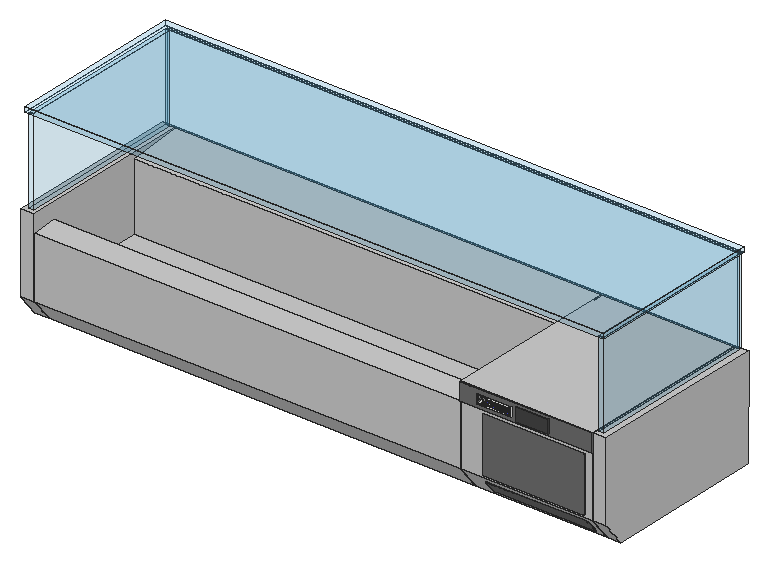
Revit family "Qf_Afinox_VRS1300V", category Specialty Equipment, Revit 2014
Parameters
  Show Logo [instance] = yes
  Show Clearance [instance] = yes
Reference planes
  plane 1 "Back": y = 0
  plane 2: z = 0
  plane 3 "Left": x = 0
  plane 4 "Right": x = 1300
  plane 5 "Front": y = -395
  plane 6 "Top": z = 225
Forms (mm)
  Extrusion 1, solid
    sketch origin (200, 0, 0) x (0, 1, 0) y (0, 0, 1)
      loop
        line (0, 225) -> (-118.091, 213.424) -> (-118.091, 63.424) -> (-342.706, 63.424) -> (-342.706, 191.405) -> (-395, 186.278) -> (-395, 50) -> (-354.511, 0) -> (0, 0) -> (0, 225)
    from -170 to 778
  Extrusion 2, solid
    sketch origin (0, 0, 0) x (0, 1, 0) y (0, 0, 1)
      loop
        line (0, 225) -> (-395, 225) -> (-395, 50) -> (-354.511, 0) -> (0, 0) -> (0, 225)
    from 0 to 30
  Extrusion 3, solid
    sketch origin (1270, 0, 0) x (0, 1, 0) y (0, 0, 1)
      loop
        line (0, 225) -> (-395, 225) -> (-395, 50) -> (-354.511, 0) -> (0, 0) -> (0, 225)
    from 0 to 30
  Extrusion 4, solid
    sketch origin (1240, 0, 0) x (0, 1, 0) y (0, 0, 1)
      loop
        line (0, 225) -> (-395, 225) -> (-395, 50) -> (-354.511, 0) -> (0, 0) -> (0, 225)
    from -262 to 30
  Extrusion 5, solid
    sketch origin (200, -394, -0.038) x (1, 0, 0) y (0, 0, 1)
      loop
        arc (829.65, 178.011) -> (827.352, 177.059) -> (826.4, 174.761) r 3.25
        line (826.4, 174.761) -> (826.4, 59.261)
        arc (826.4, 59.261) -> (827.352, 56.963) -> (829.65, 56.011) r 3.25
        line (829.65, 56.011) -> (1050.15, 56.011)
        arc (1050.15, 56.011) -> (1052.448, 56.963) -> (1053.4, 59.261) r 3.25
        line (1053.4, 59.261) -> (1053.4, 174.761)
        arc (1053.4, 174.761) -> (1052.448, 177.059) -> (1050.15, 178.011) r 3.25
        line (1050.15, 178.011) -> (829.65, 178.011)
    from 0 to 2
  Extrusion 6, solid
    sketch origin (200, -273.564, -98.372) x (1, 0, 0) y (0, -0.62932, 0.777146)
      loop
        arc (829.65, 178.011) -> (827.352, 177.059) -> (826.4, 174.761) r 3.25
        line (826.4, 174.761) -> (826.4, 141.843)
        arc (826.4, 141.843) -> (827.352, 139.544) -> (829.65, 138.593) r 3.25
        line (829.65, 138.593) -> (1050.15, 138.593)
        arc (1050.15, 138.593) -> (1052.448, 139.544) -> (1053.4, 141.843) r 3.25
        line (1053.4, 141.843) -> (1053.4, 174.761)
        arc (1053.4, 174.761) -> (1052.448, 177.059) -> (1050.15, 178.011) r 3.25
        line (1050.15, 178.011) -> (829.65, 178.011)
    from 0 to 2
  Extrusion 7, solid
    sketch origin (192.335, -397, -1.215) x (1, 0, 0) y (0, 0, 1)
      loop
        line (912.065, 221.354) -> (912.065, 192.354) -> (983.065, 192.354) -> (983.065, 221.354) -> (912.065, 221.354)
    from 0 to 3
  Extrusion 8, solid, visible <- "Show Logo"
    sketch origin (837.556, -397, -384.108) x (1, 0, 0) y (0, 0, 1)
      loop
        line (179.287, 599.596) -> (179.287, 579.899) -> (254.287, 579.899) -> (254.287, 599.596) -> (179.287, 599.596)
      loop
        line (199.226, 597.323) -> (199.226, 582.172) -> (253.014, 582.172) -> (253.014, 597.323) -> (199.226, 597.323)
      loop
        line (180.287, 597.323) -> (180.287, 582.172) -> (198.848, 582.172) -> (198.848, 597.323) -> (180.287, 597.323)
    from 0 to 2
  Extrusion 9, solid, visible <- "Show Logo"
    sketch origin (44.53, -397, -622.718) x (1, 0, 0) y (0, 0, 1)
      loop
        arc (994.034, 825.04) -> (994.842, 823.416) -> (996.479, 824.198) r 1.293
        line (996.479, 824.198) -> (996.958, 825.22) -> (1000.192, 825.22) -> (1000.6, 824.198)
        arc (1000.6, 824.198) -> (1002.252, 823.366) -> (1003.039, 825.04) r 1.291
        line (1003.039, 825.04) -> (999.801, 832.415)
        arc (999.801, 832.415) -> (998.57, 833.402) -> (997.337, 832.418) r 1.263
        line (997.337, 832.418) -> (994.034, 825.04)
      loop
        line (999.576, 827.427) -> (998.603, 829.738) -> (997.631, 827.445) -> (999.576, 827.427)
      loop
        line (1004.344, 832.421) -> (1004.344, 824.556)
        arc (1004.344, 824.556) -> (1005.631, 823.448) -> (1006.918, 824.556) r 1.302
        line (1006.918, 824.556) -> (1006.918, 827.178) -> (1010.126, 827.178)
        arc (1010.126, 827.178) -> (1011.3, 828.493) -> (1010.126, 829.808) r 1.323
        line (1010.126, 829.808) -> (1006.918, 829.808) -> (1006.918, 830.954) -> (1010.126, 830.954)
        arc (1010.126, 830.954) -> (1011.264, 832.233) -> (1010.126, 833.511) r 1.287
        line (1010.126, 833.511) -> (1005.326, 833.511)
        arc (1005.326, 833.511) -> (1004.652, 833.13) -> (1004.344, 832.421) r 1.22
      loop
        line (1012.593, 832.457) -> (1012.593, 824.488)
        arc (1012.593, 824.488) -> (1013.928, 823.343) -> (1015.262, 824.488) r 1.35
        line (1015.262, 824.488) -> (1015.262, 832.457)
        arc (1015.262, 832.457) -> (1013.928, 833.516) -> (1012.593, 832.457) r 1.37
      loop
        arc (1019.372, 832.457) -> (1018.038, 833.516) -> (1016.703, 832.457) r 1.37
        line (1016.703, 832.457) -> (1016.703, 824.488)
        arc (1016.703, 824.488) -> (1018.038, 823.343) -> (1019.372, 824.488) r 1.35
        line (1019.372, 824.488) -> (1019.372, 828.473) -> (1022.448, 824.488)
        arc (1022.448, 824.488) -> (1023.783, 823.343) -> (1025.118, 824.488) r 1.35
        line (1025.118, 824.488) -> (1025.118, 832.457)
        arc (1025.118, 832.457) -> (1023.783, 833.516) -> (1022.448, 832.457) r 1.37
        line (1022.448, 832.457) -> (1022.448, 828.473) -> (1019.372, 832.457)
      loop
        circle (1031.159, 828.429) r 5.095
      loop
        circle (1031.159, 828.429) r 2.733
      loop
        line (1036.425, 831.5) -> (1038.763, 828.375) -> (1036.365, 825.267)
        arc (1036.365, 825.267) -> (1036.712, 823.621) -> (1038.393, 823.703) r 1.296
        line (1038.393, 823.703) -> (1040.42, 826.313) -> (1042.28, 823.703)
        arc (1042.28, 823.703) -> (1043.993, 823.58) -> (1044.434, 825.238) r 1.346
        line (1044.434, 825.238) -> (1042.048, 828.408) -> (1044.37, 831.408)
        arc (1044.37, 831.408) -> (1044.07, 833.196) -> (1042.269, 832.987) r 1.316
        line (1042.269, 832.987) -> (1040.366, 830.453) -> (1038.502, 833.054)
        arc (1038.502, 833.054) -> (1036.78, 833.19) -> (1036.425, 831.5) r 1.308
      loop
        line (1046.04, 835.933) -> (992.253, 835.933) -> (992.253, 820.782) -> (1046.04, 820.782) -> (1046.04, 835.933)
    from 0 to 2
  Extrusion 10, solid, visible <- "Show Logo"
    sketch origin (37.402, -397, -442.664) x (1, 0, 0) y (0, 0, 1)
      loop
        line (980.441, 655.879) -> (980.441, 640.728) -> (999.001, 640.728) -> (999.001, 655.879) -> (980.441, 655.879)
      loop
        arc (982.146, 642.435) -> (982.404, 641.667) -> (983.211, 641.586) r 0.747
        line (983.211, 641.586) -> (989.781, 644.576) -> (996.334, 641.6)
        arc (996.334, 641.6) -> (997.088, 641.702) -> (997.296, 642.435) r 0.695
        line (997.296, 642.435) -> (990.231, 654.688)
        arc (990.231, 654.688) -> (989.721, 654.992) -> (989.211, 654.688) r 0.58
        line (989.211, 654.688) -> (982.146, 642.435)
    from 0 to 2
  Extrusion 11, solid, visible <- "Show Logo"
    sketch origin (3.114, -397, -392.26) x (1, 0, 0) y (0, 0, 1)
      loop
        arc (1016.435, 592.031) -> (1016.693, 591.262) -> (1017.5, 591.182) r 0.747
        line (1017.5, 591.182) -> (1024.07, 594.172) -> (1030.623, 591.195)
        arc (1030.623, 591.195) -> (1031.377, 591.298) -> (1031.584, 592.031) r 0.695
        line (1031.584, 592.031) -> (1024.52, 604.283)
        arc (1024.52, 604.283) -> (1024.01, 604.588) -> (1023.5, 604.283) r 0.58
        line (1023.5, 604.283) -> (1016.435, 592.031)
      loop
        arc (1035.45, 594.582) -> (1036.258, 592.958) -> (1037.895, 593.739) r 1.293
        line (1037.895, 593.739) -> (1038.374, 594.762) -> (1041.608, 594.762) -> (1042.016, 593.739)
        arc (1042.016, 593.739) -> (1043.668, 592.908) -> (1044.455, 594.582) r 1.291
        line (1044.455, 594.582) -> (1041.218, 601.957)
        arc (1041.218, 601.957) -> (1039.986, 602.943) -> (1038.753, 601.959) r 1.263
        line (1038.753, 601.959) -> (1035.45, 594.582)
      loop
        line (1040.992, 596.969) -> (1040.02, 599.279) -> (1039.047, 596.987) -> (1040.992, 596.969)
      loop
        arc (1045.76, 594.097) -> (1047.047, 592.99) -> (1048.334, 594.097) r 1.302
        line (1048.334, 594.097) -> (1048.334, 596.72) -> (1051.542, 596.72)
        arc (1051.542, 596.72) -> (1052.716, 598.035) -> (1051.542, 599.35) r 1.323
        line (1051.542, 599.35) -> (1048.334, 599.35) -> (1048.334, 600.496) -> (1051.542, 600.496)
        arc (1051.542, 600.496) -> (1052.681, 601.774) -> (1051.542, 603.052) r 1.287
        line (1051.542, 603.052) -> (1046.742, 603.052)
        arc (1046.742, 603.052) -> (1046.069, 602.672) -> (1045.76, 601.962) r 1.22
        line (1045.76, 601.962) -> (1045.76, 594.097)
      loop
        arc (1054.01, 594.029) -> (1055.344, 592.884) -> (1056.679, 594.029) r 1.35
        line (1056.679, 594.029) -> (1056.679, 601.999)
        arc (1056.679, 601.999) -> (1055.344, 603.058) -> (1054.01, 601.999) r 1.37
        line (1054.01, 601.999) -> (1054.01, 594.029)
      loop
        arc (1058.12, 594.029) -> (1059.454, 592.884) -> (1060.789, 594.029) r 1.35
        line (1060.789, 594.029) -> (1060.789, 598.014) -> (1063.865, 594.029)
        arc (1063.865, 594.029) -> (1065.199, 592.884) -> (1066.534, 594.029) r 1.35
        line (1066.534, 594.029) -> (1066.534, 601.999)
        arc (1066.534, 601.999) -> (1065.199, 603.058) -> (1063.865, 601.999) r 1.37
        line (1063.865, 601.999) -> (1063.865, 598.014) -> (1060.789, 601.999)
        arc (1060.789, 601.999) -> (1059.454, 603.058) -> (1058.12, 601.999) r 1.37
        line (1058.12, 601.999) -> (1058.12, 594.029)
      loop
        circle (1072.575, 597.971) r 5.095
      loop
        circle (1072.575, 597.971) r 2.733
      loop
        line (1080.18, 597.917) -> (1077.782, 594.809)
        arc (1077.782, 594.809) -> (1078.129, 593.163) -> (1079.809, 593.245) r 1.296
        line (1079.809, 593.245) -> (1081.836, 595.854) -> (1083.697, 593.245)
        arc (1083.697, 593.245) -> (1085.409, 593.121) -> (1085.851, 594.78) r 1.346
        line (1085.851, 594.78) -> (1083.464, 597.949) -> (1085.787, 600.95)
        arc (1085.787, 600.95) -> (1085.486, 602.737) -> (1083.686, 602.528) r 1.316
        line (1083.686, 602.528) -> (1081.782, 599.994) -> (1079.918, 602.596)
        arc (1079.918, 602.596) -> (1078.197, 602.731) -> (1077.841, 601.041) r 1.308
        line (1077.841, 601.041) -> (1080.18, 597.917)
    from 0 to 2
  Extrusion 12, solid
    sketch origin (65.935, -395, 3.646) x (1, 0, 0) y (0, 0, 1)
      loop
        line (912.065, 221.354) -> (912.065, 182.633) -> (1204.065, 182.633) -> (1204.065, 221.354) -> (912.065, 221.354)
    from 0 to 2
  Extrusion 13, solid
    sketch origin (200, -6.8, 0) x (1, 0, 0) y (0, 0, 1)
      loop
        circle (1050, 20) r 5
    from -17.6 to -6.8
  Extrusion 14, solid
    sketch origin (200, 0, 0) x (1, 0, 0) y (0, 0, 1)
      loop
        line (-170, 13) -> (1070, 13) -> (1070, 186) -> (-170, 186) -> (-170, 13)
      loop
        circle (1050, 20) r 5
    from -10.8 to 0
  Extrusion 15, solid
    sketch origin (195, 0, 0) x (0, 1, 0) y (0, 0, 1)
      loop
        line (0, 428.598) -> (-391, 428.598) -> (-391, 416.598) -> (0, 416.598) -> (0, 428.598)
    from -187.5 to 1097.5
  Extrusion 16, solid
    sketch origin (200, 0, 0) x (0, 1, 0) y (0, 0, 1)
      loop
        line (-2, 416.598) -> (-8, 416.598) -> (-8, 225.598) -> (-2, 225.598) -> (-2, 416.598)
    from -187.5 to 1087.5
  Extrusion 17, solid
    sketch origin (0, 0, 0) x (1, 0, 0) y (0, 0, 1)
      loop
        line (12.5, 416.598) -> (12.5, 225) -> (22.5, 225) -> (22.5, 416.598) -> (12.5, 416.598)
    from 8 to 386
  Extrusion 18, solid
    sketch origin (200, 0, 0) x (1, 0, 0) y (0, 0, 1)
      loop
        line (1077.5, 416.598) -> (1077.5, 225.598) -> (1087.5, 225.598) -> (1087.5, 416.598) -> (1077.5, 416.598)
    from 2 to 386
Lines and regions (mm)
  symbolic lines, style "200-EquipBorder-2D"
    curve 1: line (0, 0, 0) -> (1300, 0, 0)
    curve 2: line (0, -395, 0) -> (0, 0, 0)
    curve 3: line (1300, -395, 0) -> (0, -395, 0)
    curve 4: line (1300, 0, 0) -> (1300, -395, 0)
    curve 5: line (30, 0, 0) -> (30, 10.8, 0)
    curve 6: line (30, 10.8, 0) -> (1270, 10.8, 0)
    curve 7: line (1270, 10.8, 0) -> (1270, 0, 0)
  symbolic lines, style "200-EquipInternal-2D"
    curve 8: line (7.5, -2, 0) -> (1292.5, -2, 0)
    curve 9: line (7.5, -391, 0) -> (7.5, -2, 0)
    curve 10: line (1292.5, -391, 0) -> (7.5, -391, 0)
    curve 11: line (1292.5, -2, 0) -> (1292.5, -391, 0)
    curve 12: line (978, -391, 0) -> (978, -395, 0)
    curve 13: line (1270, -391, 0) -> (1270, -395, 0)
    curve 14: line (30, -391, 0) -> (30, -395, 0)
Dimensions and locks
  plane 3 "Left" to plane 4 "Right" = 1300 mm
  plane 5 "Front" to plane 1 "Back" = 395 mm
  plane 6 "Top" to level = 225 mm
  aligned and locked: level to plane 2
  aligned and locked: Extrusion 1 to Extrusion 2
  aligned and locked: Extrusion 14 to Extrusion 1
  aligned and locked: Extrusion 16 to Extrusion 17
  aligned and locked: Extrusion 15 to curve 8
Connectors
  electrical at (1250, 10.8, 20)
    settings: on Extrusion 13, index 1, voltage 0 V, apparent load 0 VA, apparent load phase1 0 VA, apparent load phase2 0 VA, apparent load phase3 0 VA, power factor 1, load classification "Other", number of poles 1, system type 31, power factor state 1, is connector primary yes, connector utility no, sub classification motor no, connector description "Electrical connection"
